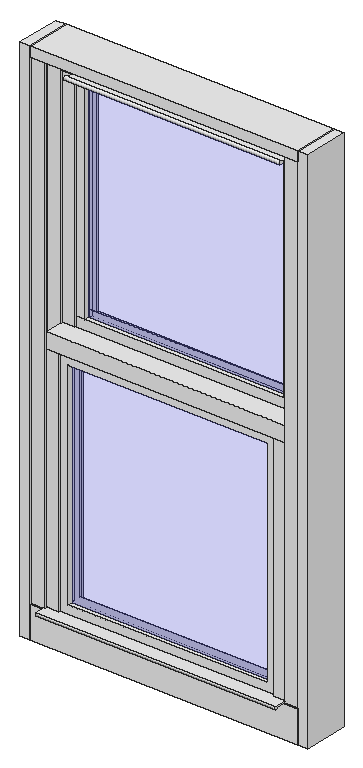
Revit family "Window-Single_&_Double_Hung-Kawneer-8450TL", category Windows, host Wall, Revit 2015 (continued)
Definition of nested family "Panel-Fixed-Kawneer-w_Muntins-8410TL"
  Dimensions and locks (in)
    aligned and locked: Extrusion 5 sketch curve to plane 17 "Glass Line Right"
    aligned and locked: plane 19 "Glass Line Bottom" to Extrusion 5 sketch curve
    aligned and locked: Extrusion 5 to plane 9 "Glass Front"
    aligned and locked: plane 10 "Glass Back" to Extrusion 5
    aligned and locked: Masking region 6 sketch curve to plane 9 "Glass Front"
    aligned and locked: Masking region 6 sketch curve to plane 8 "Muntin Front"
    aligned and locked: plane 21 to Masking region 6 sketch curve
    aligned and locked: plane 22 to Masking region 6 sketch curve
    aligned and locked: plane 3 "Center (Left/Right)" to nested 1
    aligned and locked: nested 1 to plane 7 "Center (Top/Bottom)"
    aligned and locked: plane 9 "Glass Front" to Masking region 5 sketch curve
    aligned and locked: plane 8 "Muntin Front" to Masking region 5 sketch curve
    aligned and locked: plane 14 to Masking region 5 sketch curve
    aligned and locked: plane 15 to Masking region 5 sketch curve
  Automatic sketch dimensions
    curve 4 to plane 19 "Glass Line Bottom" = 0' - 0"
    curve 5 to plane 19 "Glass Line Bottom" = 0' - 0"
    curve 5 to plane 18 "Glass Line Top" = 0' - 0"
    Masking region 2 sketch curve to plane 15 = 0' - 0"
    Masking region 2 sketch curve to plane 14 = 0' - 0"
    curve 7 to plane 19 "Glass Line Bottom" = 0' - 0"
    curve 7 to plane 18 "Glass Line Top" = 0' - 0"
    curve 8 to plane 18 "Glass Line Top" = 0' - 0"
    Masking region 6 sketch curve to plane 9 "Glass Front" = 0' - 0"
    Masking region 6 sketch curve to plane 12 "Vertical Muntin One" = 0' - 0"
    Masking region 6 sketch curve to plane 8 "Muntin Front" = 0' - 0"
    Masking region 6 sketch curve to plane 13 "Vertical Muntin One Right" = 0' - 0"
    Masking region 6 sketch curve to plane 20 "Vertical Muntin One Middle" = 0' - 0 3/32"
    plane 20 "Vertical Muntin One Middle" to Masking region 6 sketch curve = 0' - 0 3/32"
    Masking region 6 sketch curve to plane 23 = 0' - 0 3/32"
    plane 23 to Masking region 6 sketch curve = 0' - 0 3/32"
    plane 19 "Glass Line Bottom" to curve 8 = 0' - 0.35287"
    Masking region 5 sketch curve to plane 7 "Center (Top/Bottom)" = 0' - 0 3/32"
    plane 7 "Center (Top/Bottom)" to Masking region 5 sketch curve = 0' - 0 3/32"
  Nested families (in)
    nested 1: "Fixed Window-Symbol" at (0, 1.28125, 18) x (1, 0, 0) z (0, -1, 0), type "Fixed"
      with Width 2' - 10", Height 2' - 10"
  Definition of nested family "Fixed Window-Symbol"
    Parameters
      Width = 3' - 7 1/2"
      Height = 3' - 7 1/2"
      Assembly Code = ""
    Reference planes (in)
      plane 1 "Center (Front/Back)": y = 0
      plane 2: z = 0
      plane 3 "Center (Left/Right)": x = 0
      plane 4 "Top": y = 21.75
      plane 5 "Bottom": y = -21.75
      plane 6 "Left": x = -21.75
      plane 7 "Right": x = 21.75
    Lines and regions (in)
      detail lines, in view "Ref. Level"
        curve 1: line (-21.75, 21.75, 0) -> (21.75, -21.75, 0)
    Dimensions and locks (in)
      equal spacing: plane 5 "Bottom", plane 1 "Center (Front/Back)", plane 4 "Top"
      "Height": plane 5 "Bottom" to plane 4 "Top"
      equal spacing: plane 6 "Left", plane 3 "Center (Left/Right)", plane 7 "Right"
      "Width": plane 6 "Left" to plane 7 "Right"
      aligned and locked: plane 4 "Top" to curve 1
      aligned and locked: plane 6 "Left" to curve 1
      aligned and locked: plane 5 "Bottom" to curve 1
      aligned and locked: plane 7 "Right" to curve 1
Definition of nested family "Frame-Fixed-Kawneer-wo_Muntins"
  Parameters
    Width [instance] = 4' - 0"
    URL = "http://www.kawneer.com/kawneer/north_america/en/product.asp?cat_id=1347&prod_id=1869"
    Panel Width [instance] = if(1 = 1, Width - 0' 2 3/4", 1' 0")  # 3' - 9 1/4"
    Panel Height [instance] = if(1 = 1, Height - 0' 2 3/4", 1' 0")  # 3' - 9 1/4"
    Model = "8410TL Fixed Window"  # constant formula
    Manufacturer = "Kawneer Company, Inc."  # constant formula
    Height [instance] = 4' - 0"
    Glazing Material [instance] = none
    Frame Material [instance] = none
    Frame Finish [instance] = none
    Depth = 0' - 4"  # constant formula
    Assembly Code = ""
  Reference planes (in)
    plane 1 "Center (Front/Back)": y = -28
    plane 2 "Bottom": z = 0
    plane 3 "Center (Left/Right)": x = 34.64497
    plane 4 "Left": x = 10.64497
    plane 5 "Right": x = 58.64497
    plane 6 "Center (Top/Bottom)": z = 24
    plane 7 "Top": z = 48
    plane 8 "Back": y = -26
    plane 9 "Front": y = -30
    plane 10 "Front Notch Top": z = 46.875
    plane 11 "Frame Left Insert": x = 12.51997
    plane 12 "Frame Right Insert": x = 56.76997
    plane 13 "Left Insert": x = 11.76997
    plane 14 "Right Insert": x = 57.51997
    plane 15 "Inside Frame Top": z = 46.12467
    plane 16 "Inside Frame Bottom": z = 1.87467
    plane 17 "Frame Inside Front": y = -29.75
    plane 18 "No Muntin Frame Glass Front": y = -29.65625
    plane 19 "No Muntin Frame Glass Back": y = -28.65625
    plane 20 "Left Glass": x = 12.01997
    plane 21 "Glass Right": x = 57.27024
    plane 22 "Glass Bottom": z = 1.37467
    plane 23 "Glass Top": z = 46.62467
    plane 24 "Frame First Notch": z = 1.12467
  Forms (in)
    Sweep 1, solid, material <- "Frame Finish", detail levels fine
      path origin (0, -28, 0) x (1, 0, 0) y (0, 0, 1)
        loop
          line (10.64497, 48) -> (10.64497, 0) -> (58.64497, 0) -> (58.64497, 48) -> (10.64497, 48)
      profile "Frame without Muntins : Frame without Muntins" origin (34.64497, -28, 48) x (0, 0, 1) y (0, -1, 0)
        loop
          line (0, -2) -> (0, 2) -> (-1.125, 2) -> (-1.125, 1.75) -> (-1.875, 1.75) -> (-1.875, 1.65625) -> (-1.375, 1.65625) -> (-1.375, 0.65625) -> (-1.875, 0.65625) -> (-1.875, -2) -> (0, -2)
    Extrusion 2, solid, material <- "Frame Finish", detail levels coarse+medium
      sketch origin (0, -26, 0) x (0, 0, -1) y (-1, 0, 0)
        loop
          line (-48, -10.64497) -> (-48, -58.64497) -> (0, -58.64497) -> (0, -10.64497) -> (-48, -10.64497)
        loop
          line (-46.12467, -12.51997) -> (-46.12467, -56.76997) -> (-1.87467, -56.76997) -> (-1.87467, -12.51997) -> (-46.12467, -12.51997)
      from -4 to 0
  Lines and regions (in)
    Masking region 1
      outline origin (34.64497, 0, 0) x (0, 1, 0) y (0, 0, 1)
        loop
          line (-26, 48) -> (-30, 48) -> (-30, 0) -> (-26, 0) -> (-26, 48)
    Masking region 2
      outline origin (0, 0, 1.12467) x (-1, 0, 0) y (0, -1, 0)
        loop
          line (-10.64497, 26) -> (-10.64497, 30) -> (-58.64497, 30) -> (-58.64497, 26) -> (-10.64497, 26)
    Masking region 3
      outline origin (0, -28, 0) x (1, 0, 0) y (0, 0, 1)
        loop
          line (10.64497, 48) -> (10.64497, 0) -> (58.64497, 0) -> (58.64497, 48) -> (10.64497, 48)
        loop
          line (12.51997, 46.12467) -> (12.51997, 1.87467) -> (56.76997, 1.87467) -> (56.76997, 46.12467) -> (12.51997, 46.12467)
    Masking region 4, detail levels coarse+medium
      outline origin (0, 0, 1.12467) x (-1, 0, 0) y (0, -1, 0)
        loop
          line (-10.64497, 26) -> (-10.64497, 30) -> (-12.51997, 30) -> (-12.51997, 26) -> (-10.64497, 26)
        loop
          line (-58.64497, 26) -> (-56.76997, 26) -> (-56.76997, 30) -> (-58.64497, 30) -> (-58.64497, 26)
    Masking region 5, detail levels fine
      outline origin (0, 0, 1.12467) x (-1, 0, 0) y (0, -1, 0)
        loop
          line (-10.64497, 26) -> (-10.64497, 30) -> (-11.76997, 30) -> (-11.76997, 29.75) -> (-12.51997, 29.75) -> (-12.51997, 29.65625) -> (-12.01997, 29.65625) -> (-12.01997, 28.65625) -> (-12.51997, 28.65625) -> (-12.51997, 26) -> (-10.64497, 26)
        loop
          line (-58.64497, 26) -> (-56.76997, 26) -> (-56.76997, 28.65625) -> (-57.27024, 28.65625) -> (-57.27024, 29.65625) -> (-56.76997, 29.65625) -> (-56.76997, 29.75) -> (-57.51997, 29.75) -> (-57.51997, 30) -> (-58.64497, 30) -> (-58.64497, 26)
    Masking region 6, detail levels coarse+medium
      outline origin (34.64497, 0, 0) x (0, 1, 0) y (0, 0, 1)
        loop
          line (-26, 1.875) -> (-30, 1.875) -> (-30, 0) -> (-26, 0) -> (-26, 1.875)
        loop
          line (-26, 48) -> (-30, 48) -> (-30, 46.12467) -> (-26, 46.12467) -> (-26, 48)
    Masking region 7, detail levels fine
      outline origin (34.64497, 0, 0) x (0, 1, 0) y (0, 0, 1)
        loop
          line (-26, 48) -> (-30, 48) -> (-30, 46.875) -> (-29.75, 46.875) -> (-29.75, 46.12467) -> (-29.65625, 46.12467) -> (-29.65625, 46.62467) -> (-28.65625, 46.62467) -> (-28.65625, 46.12467) -> (-26, 46.12467) -> (-26, 48)
        loop
          line (-26, 0) -> (-26, 1.87467) -> (-28.65625, 1.87467) -> (-28.65625, 1.37467) -> (-29.65625, 1.37467) -> (-29.65625, 1.87467) -> (-29.75, 1.87467) -> (-29.75, 1.12467) -> (-30, 1.12467) -> (-30, 0) -> (-26, 0)
    symbolic lines, detail levels fine
      curve 1: line (11.76997, -30, 46.875) -> (57.51997, -30, 46.875)
      curve 2: line (11.76997, -30, 1.12467) -> (11.76997, -30, 46.875)
      curve 3: line (57.51997, -30, 1.12467) -> (11.76997, -30, 1.12467)
      curve 4: line (57.51997, -30, 46.875) -> (57.51997, -30, 1.12467)
  Dimensions and locks (in)
    equal spacing: plane 4 "Left", plane 3 "Center (Left/Right)", plane 5 "Right"
    "Width": plane 4 "Left" to plane 5 "Right"
    equal spacing: plane 8 "Back", plane 1 "Center (Front/Back)", plane 9 "Front"
    "Depth": plane 8 "Back" to plane 9 "Front"
    locked: plane 4 "Left" to plane 13 "Left Insert" at 1.125
    locked: plane 13 "Left Insert" to plane 20 "Left Glass" at 0.25
    locked: plane 14 "Right Insert" to plane 5 "Right" at 1.125
    locked: plane 21 "Glass Right" to plane 14 "Right Insert" at 0.24973
    locked: plane 17 "Frame Inside Front" to plane 9 "Front" at 0.25
    locked: plane 18 "No Muntin Frame Glass Front" to plane 17 "Frame Inside Front" at 0.09375
    locked: plane 9 "Front" to plane 19 "No Muntin Frame Glass Back" at 1.34375
    locked: plane 24 "Frame First Notch" to plane 2 "Bottom" at 1.12467
    locked: plane 22 "Glass Bottom" to plane 24 "Frame First Notch" at 0.25
    locked: plane 7 "Top" to plane 10 "Front Notch Top" at 1.125
    locked: plane 10 "Front Notch Top" to plane 23 "Glass Top" at 0.25033
    "Height": plane 7 "Top" to plane 2 "Bottom"
    equal spacing: plane 7 "Top", plane 6 "Center (Top/Bottom)", plane 2 "Bottom"
    locked: plane 4 "Left" to plane 11 "Frame Left Insert" at 1.875
    locked: plane 12 "Frame Right Insert" to plane 5 "Right" at 1.875
    locked: plane 16 "Inside Frame Bottom" to plane 2 "Bottom" at 1.87467
    locked: plane 7 "Top" to plane 15 "Inside Frame Top" at 1.87533
    aligned and locked: Masking region 2 sketch curve to plane 4 "Left"
    aligned and locked: plane 4 "Left" to Sweep 1 sketch curve
    aligned and locked: Sweep 1 sketch curve to plane 7 "Top"
    aligned and locked: level to Sweep 1 sketch curve
    aligned and locked: plane 5 "Right" to Sweep 1 sketch curve
    aligned and locked: Sweep 1 to Masking region 3 sketch curve
    aligned and locked: Masking region 3 sketch curve to Sweep 1  (x3)
    aligned and locked: Masking region 4 sketch curve to Masking region 2  (x2)
    aligned and locked: plane 9 "Front" to Masking region 4 sketch curve
    aligned and locked: plane 11 "Frame Left Insert" to Masking region 4 sketch curve
    aligned and locked: plane 8 "Back" to Masking region 4 sketch curve
    aligned and locked: plane 12 "Frame Right Insert" to Masking region 4 sketch curve
    aligned and locked: Masking region 4 sketch curve to plane 9 "Front"
    aligned and locked: Masking region 4 sketch curve to plane 5 "Right"
    aligned and locked: Masking region 5 sketch curve to plane 8 "Back"
    aligned and locked: Masking region 5 sketch curve to plane 4 "Left"
    aligned and locked: plane 9 "Front" to Masking region 5 sketch curve
    aligned and locked: plane 13 "Left Insert" to Masking region 5 sketch curve
    aligned and locked: plane 17 "Frame Inside Front" to Masking region 5 sketch curve
    aligned and locked: plane 11 "Frame Left Insert" to Masking region 5 sketch curve  (x2)
    aligned and locked: Masking region 5 sketch curve to plane 18 "No Muntin Frame Glass Front"
    aligned and locked: plane 20 "Left Glass" to Masking region 5 sketch curve
    aligned and locked: plane 19 "No Muntin Frame Glass Back" to Masking region 5 sketch curve
    aligned and locked: plane 8 "Back" to Masking region 5 sketch curve
    aligned and locked: plane 12 "Frame Right Insert" to Masking region 5 sketch curve  (x2)
    aligned and locked: Masking region 5 sketch curve to plane 19 "No Muntin Frame Glass Back"
    aligned and locked: plane 21 "Glass Right" to Masking region 5 sketch curve
    aligned and locked: plane 18 "No Muntin Frame Glass Front" to Masking region 5 sketch curve
    aligned and locked: Masking region 5 sketch curve to plane 17 "Frame Inside Front"
    aligned and locked: plane 14 "Right Insert" to Masking region 5 sketch curve
    aligned and locked: Masking region 5 sketch curve to plane 5 "Right"
    aligned and locked: Masking region 6 sketch curve to Sweep 1  (x2)
    aligned and locked: Masking region 6 sketch curve to Masking region 1  (x2)
    aligned and locked: Masking region 1 to Masking region 6 sketch curve
    aligned and locked: plane 15 "Inside Frame Top" to Masking region 6 sketch curve
    aligned and locked: Masking region 6 sketch curve to plane 9 "Front"
    aligned and locked: Masking region 7 sketch curve to plane 7 "Top"
    aligned and locked: Masking region 7 sketch curve to plane 8 "Back"
    aligned and locked: plane 15 "Inside Frame Top" to Masking region 7 sketch curve  (x2)
    aligned and locked: plane 9 "Front" to Masking region 7 sketch curve
    aligned and locked: plane 19 "No Muntin Frame Glass Back" to Masking region 7 sketch curve
    aligned and locked: plane 23 "Glass Top" to Masking region 7 sketch curve
    aligned and locked: Masking region 7 sketch curve to plane 18 "No Muntin Frame Glass Front"
    aligned and locked: plane 17 "Frame Inside Front" to Masking region 7 sketch curve
    aligned and locked: plane 10 "Front Notch Top" to Masking region 7 sketch curve
    aligned and locked: plane 16 "Inside Frame Bottom" to Masking region 7 sketch curve  (x2)
    aligned and locked: plane 8 "Back" to Masking region 7 sketch curve
    aligned and locked: Masking region 7 sketch curve to plane 2 "Bottom"
    aligned and locked: Masking region 7 sketch curve to plane 9 "Front"
    aligned and locked: Masking region 7 sketch curve to plane 17 "Frame Inside Front"
    aligned and locked: plane 22 "Glass Bottom" to Masking region 7 sketch curve
    aligned and locked: Masking region 7 sketch curve to plane 19 "No Muntin Frame Glass Back"
    aligned and locked: plane 24 "Frame First Notch" to Masking region 7
    aligned and locked: level to plane 2 "Bottom"
    aligned and locked: Masking region 3 sketch curve to plane 11 "Frame Left Insert"
    aligned and locked: Masking region 3 sketch curve to plane 15 "Inside Frame Top"
    aligned and locked: plane 16 "Inside Frame Bottom" to Masking region 3 sketch curve
    aligned and locked: plane 12 "Frame Right Insert" to Masking region 3 sketch curve
    aligned and locked: Extrusion 2 sketch curve to plane 4 "Left"
    aligned and locked: Extrusion 2 sketch curve to plane 7 "Top"
    aligned and locked: Extrusion 2 sketch curve to plane 11 "Frame Left Insert"
    aligned and locked: Extrusion 2 sketch curve to plane 15 "Inside Frame Top"
    aligned and locked: plane 2 "Bottom" to Extrusion 2 sketch curve
    aligned and locked: plane 5 "Right" to Extrusion 2 sketch curve
    aligned and locked: plane 12 "Frame Right Insert" to Extrusion 2 sketch curve
    aligned and locked: plane 16 "Inside Frame Bottom" to Extrusion 2 sketch curve
    aligned and locked: plane 8 "Back" to Extrusion 2
    aligned and locked: Extrusion 2 to plane 9 "Front"
    aligned and locked: plane 14 "Right Insert" to curve 4
    aligned and locked: plane 24 "Frame First Notch" to curve 3
    aligned and locked: curve 2 to plane 13 "Left Insert"
    aligned and locked: curve 1 to plane 10 "Front Notch Top"
  Automatic sketch dimensions
    Masking region 6 sketch curve to plane 8 "Back" = 0' - 0"
    Masking region 7 sketch curve to plane 18 "No Muntin Frame Glass Front" = 0' - 0"
    Masking region 7 sketch curve to plane 22 "Glass Bottom" = 0' - 0 1/4"
    Masking region 5 sketch curve to plane 9 "Front" = 0' - 0"
    Masking region 1 sketch curve to plane 7 "Top" = 0' - 0"
    Masking region 1 sketch curve to plane 9 "Front" = 0' - 0"
    Masking region 1 sketch curve to level = 0' - 0"
    Masking region 1 sketch curve to plane 8 "Back" = 0' - 0"
    Masking region 2 sketch curve to plane 5 "Right" = 0' - 0"
    Masking region 2 sketch curve to plane 8 "Back" = 0' - 0"
    Masking region 2 sketch curve to plane 9 "Front" = 0' - 0"
Definition of nested family "Panel-Fixed-Kawneer-wo_Muntins-8410TL"
  Parameters
    Width [instance] = 3' - 9 1/4"
    Symbol Width [instance] = if(1 = 1, Width - 0' 2", 1' 0")  # 3' - 7 1/4"
    Symbol Height [instance] = if(1 = 1, Height - 0' 2", 1' 0")  # 3' - 7 1/4"
    Height [instance] = 3' - 9 1/4"
    Glazing Material [instance] = none
    Frame Material [instance] = none
    Frame Finish [instance] = none
    Depth = 0' - 4"  # constant formula
    Assembly Code = ""
  Reference planes (in)
    plane 1 "Center (Front/Back)": y = 1.40625
    plane 2 "Bottom": z = 0
    plane 3 "Center (Left/Right)": x = 0
    plane 4 "Left": x = 22.625
    plane 5 "Right": x = -22.625
    plane 6 "Top": z = 45.25
    plane 7 "Center (Elevation)": z = 22.625
    plane 8 "Glass Front": y = -0.5
    plane 9: z = 44.75
    plane 10: z = 0.5
    plane 11 "Left Offset": x = -22.125
    plane 12 "Right Offset": x = 22.125
    plane 13 "Glass Center": y = 0
    plane 14 "Glass Back": y = 0.5
    plane 15 "Back": y = 3.15625
    plane 16 "Front": y = -0.59375
  Forms (in)
    Extrusion 1, solid, material <- "Glazing Material", detail levels fine
      sketch origin (0, 1.40625, 0) x (1, 0, 0) y (0, 0, 1)
        loop
          line (-22.625, 45.25) -> (-22.625, 0) -> (22.625, 0) -> (22.625, 45.25) -> (-22.625, 45.25)
      from 0.90625 to 1.90625
    Extrusion 2, solid, material <- "Glazing Material", detail levels coarse+medium
      sketch origin (-1, 1.40625, 0) x (1, 0, 0) y (0, 0, 1)
        loop
          line (-21.125, 44.75) -> (-21.125, 0.5) -> (23.125, 0.5) -> (23.125, 44.75) -> (-21.125, 44.75)
      from 0.90625 to 1.90625
  Lines and regions (in)
    Masking region 1
      outline origin (0, 1.40625, 0) x (1, 0, 0) y (0, 0, 1)
        loop
          line (-22.125, 44.75) -> (-22.125, 0.5) -> (22.125, 0.5) -> (22.125, 44.75) -> (-22.125, 44.75)
    Masking region 2, detail levels fine
      outline origin (0, 0, 0) x (1, 0, 0) y (0, 1, 0)
        loop
          line (-22.625, 0.5) -> (-22.625, -0.5) -> (22.625, -0.5) -> (22.625, 0.5) -> (-22.625, 0.5)
    Masking region 3, detail levels fine
      outline origin (0, 0, 0) x (0, 1, 0) y (0, 0, 1)
        loop
          line (0.5, 45.25) -> (-0.5, 45.25) -> (-0.5, 0) -> (0.5, 0) -> (0.5, 45.25)
    symbolic lines, detail levels coarse+medium
      curve 1: line (-22.125, 0, 0) -> (22.125, 0, 0)
      curve 2: line (0, 0, 0.5) -> (0, 0, 44.75)
  Dimensions and locks (in)
    equal spacing: plane 5 "Right", plane 3 "Center (Left/Right)", plane 4 "Left"
    "Width": plane 5 "Right" to plane 4 "Left"
    equal spacing: plane 6 "Top", plane 7 "Center (Elevation)", plane 2 "Bottom"
    "Height": plane 6 "Top" to plane 2 "Bottom"
    locked: plane 6 "Top" to plane 9 at 0.5
    locked: plane 10 to plane 2 "Bottom" at 0.5
    locked: plane 11 "Left Offset" to plane 5 "Right" at 0.5
    locked: plane 4 "Left" to plane 12 "Right Offset" at 0.5
    equal spacing: plane 14 "Glass Back", plane 13 "Glass Center", plane 8 "Glass Front"
    locked: plane 8 "Glass Front" to plane 14 "Glass Back" at 1
    locked: plane 13 "Glass Center" to plane 1 "Center (Front/Back)" at 1.40625
    locked: plane 1 "Center (Front/Back)" to plane 15 "Back" at 1.75
    locked: plane 16 "Front" to plane 15 "Back" at 3.75
    aligned and locked: plane 11 "Left Offset" to Masking region 1 sketch curve
    aligned and locked: Masking region 1 sketch curve to plane 9
    aligned and locked: plane 10 to Masking region 1 sketch curve
    aligned and locked: Masking region 1 sketch curve to plane 12 "Right Offset"
    aligned and locked: plane 5 "Right" to Extrusion 1 sketch curve
    aligned and locked: Extrusion 1 sketch curve to plane 6 "Top"
    aligned and locked: plane 2 "Bottom" to Extrusion 1 sketch curve
    aligned and locked: Extrusion 1 sketch curve to plane 4 "Left"
    aligned and locked: Extrusion 1 to plane 8 "Glass Front"
    aligned and locked: Masking region 2 sketch curve to Extrusion 1  (x3)
    aligned and locked: plane 13 "Glass Center" to curve 1
    aligned and locked: Extrusion 1 to Masking region 3 sketch curve  (x2)
    aligned and locked: Masking region 3 sketch curve to Extrusion 1  (x2)
    aligned and locked: curve 2 to plane 13 "Glass Center"
    aligned and locked: Masking region 2 sketch curve to plane 14 "Glass Back"
    aligned and locked: Extrusion 1 to Masking region 2
    aligned and locked: plane 12 "Right Offset" to curve 1
    aligned and locked: plane 11 "Left Offset" to curve 1
    aligned and locked: plane 10 to curve 2
    aligned and locked: plane 9 to curve 2
    aligned and locked: plane 11 "Left Offset" to Extrusion 2 sketch curve
    aligned and locked: Extrusion 2 sketch curve to plane 9
    aligned and locked: Extrusion 2 sketch curve to plane 12 "Right Offset"
    aligned and locked: plane 10 to Extrusion 2 sketch curve
    aligned and locked: plane 14 "Glass Back" to Extrusion 2
    aligned and locked: Extrusion 2 to plane 8 "Glass Front"
    aligned and locked: plane 3 "Center (Left/Right)" to nested 1
    aligned and locked: nested 1 to plane 7 "Center (Elevation)"
  Nested families (in)
    nested 1: "Fixed Window-Symbol" at (0, 1.40625, 22.625) x (1, 0, 0) z (0, -1, 0), type "Fixed"
      with Width 3' - 7 1/4", Height 3' - 7 1/4"
  Definition of nested family "Fixed Window-Symbol"
    Parameters
      Width = 3' - 7 1/2"
      Height = 3' - 7 1/2"
      Assembly Code = ""
    Reference planes (in)
      plane 1 "Center (Front/Back)": y = 0
      plane 2: z = 0
      plane 3 "Center (Left/Right)": x = 0
      plane 4 "Top": y = 21.75
      plane 5 "Bottom": y = -21.75
      plane 6 "Left": x = -21.75
      plane 7 "Right": x = 21.75
    Lines and regions (in)
      detail lines, in view "Ref. Level"
        curve 1: line (-21.75, 21.75, 0) -> (21.75, -21.75, 0)
    Dimensions and locks (in)
      equal spacing: plane 5 "Bottom", plane 1 "Center (Front/Back)", plane 4 "Top"
      "Height": plane 5 "Bottom" to plane 4 "Top"
      equal spacing: plane 6 "Left", plane 3 "Center (Left/Right)", plane 7 "Right"
      "Width": plane 6 "Left" to plane 7 "Right"
      aligned and locked: plane 4 "Top" to curve 1
      aligned and locked: plane 6 "Left" to curve 1
      aligned and locked: plane 5 "Bottom" to curve 1
      aligned and locked: plane 7 "Right" to curve 1
Definition of nested family "Frame-Fixed-Kawneer-w_Muntins"
  Parameters
    Width [instance] = 4' - 0"
    URL = "http://www.kawneer.com/kawneer/north_america/en/product.asp?cat_id=1347&prod_id=1869"
    Panel Width [instance] = if(1 = 1, Width - 0' 2 3/4", 1' 0")  # 3' - 9 1/4"
    Panel Height [instance] = if(1 = 1, Height - 0' 2 3/4", 1' 0")  # 3' - 9 1/4"
    Model = "8410TL Fixed Window"  # constant formula
    Manufacturer = "Kawneer Company, Inc."  # constant formula
    Height [instance] = 4' - 0"
    Glazing Material [instance] = none
    Frame Material [instance] = none
    Frame Finish [instance] = none
    Depth = 0' - 4"  # constant formula
    Assembly Code = ""
  Reference planes (in)
    plane 1 "Center (Front/Back)": y = -28
    plane 2 "Bottom": z = 0
    plane 3 "Center (Left/Right)": x = 34.64497
    plane 4 "Left": x = 10.64497
    plane 5 "Right": x = 58.64497
    plane 6 "Center (Top/Bottom)": z = 24
    plane 7 "Top": z = 48
    plane 8 "Back": y = -26
    plane 9 "Front": y = -30
    plane 10 "Front Notch Top": z = 46.875
    plane 11 "Frame Left Insert": x = 12.51997
    plane 12 "Frame Right Insert": x = 56.76997
    plane 13 "Left Insert": x = 11.76997
    plane 14 "Right Insert": x = 57.51997
    plane 15 "Inside Frame Top": z = 46.12467
    plane 16 "Inside Frame Bottom": z = 1.87467
    plane 17 "Frame Inside Front": y = -29.75
    plane 18 "Left Glass": x = 12.01997
    plane 19 "Glass Right": x = 57.27024
    plane 20 "Muntin Frame Glass Back": y = -28.46875
    plane 21 "Muntin Frame Glass Front": y = -29.21875
    plane 22 "Glass Bottom": z = 1.37467
    plane 23 "Glass Top": z = 46.62467
    plane 24 "Frame First Notch": z = 1.12467
    plane 25 "Frame Right Inset": x = 56.42622
    plane 26 "Frame Left Inset": x = 12.86372
    plane 27 "Frame Top Inset": z = 45.78092
    plane 28 "Sill Bottom Inset": z = 2.21908
  Forms (in)
    Sweep 1, solid, material <- "Frame Finish", detail levels fine
      path origin (0, -28, 0) x (1, 0, 0) y (0, 0, 1)
        loop
          line (10.64497, 48) -> (10.64497, 0) -> (58.64497, 0) -> (58.64497, 48) -> (10.64497, 48)
      profile "Frame for Muntins : Frame for Muntins" origin (34.64497, -28, 48) x (0, 0, 1) y (0, -1, 0)
        loop
          line (0, 2) -> (-1.125, 2) -> (-1.125, 1.75) -> (-1.875, 1.75) -> (-2.21875, 1.21875) -> (-1.375, 1.21875) -> (-1.375, 0.46875) -> (-1.875, 0.46875) -> (-1.875, -2) -> (0, -2) -> (0, 2)
    Extrusion 2, solid, material <- "Frame Finish", detail levels coarse+medium
      sketch origin (0, -26, 0) x (0, 0, -1) y (-1, 0, 0)
        loop
          line (-48, -10.64497) -> (-48, -58.64497) -> (0, -58.64497) -> (0, -10.64497) -> (-48, -10.64497)
        loop
          line (-46.12467, -12.51997) -> (-46.12467, -56.76997) -> (-1.87467, -56.76997) -> (-1.87467, -12.51997) -> (-46.12467, -12.51997)
      from -4 to 0
  Lines and regions (in)
    Masking region 1
      outline origin (34.64497, 0, 0) x (0, 1, 0) y (0, 0, 1)
        loop
          line (-26, 48) -> (-30, 48) -> (-30, 0) -> (-26, 0) -> (-26, 48)
    Masking region 2
      outline origin (0, 0, 1.12467) x (-1, 0, 0) y (0, -1, 0)
        loop
          line (-10.64497, 26) -> (-10.64497, 30) -> (-58.64497, 30) -> (-58.64497, 26) -> (-10.64497, 26)
    Masking region 3
      outline origin (0, -28, 0) x (1, 0, 0) y (0, 0, 1)
        loop
          line (10.64497, 48) -> (10.64497, 0) -> (58.64497, 0) -> (58.64497, 48) -> (10.64497, 48)
        loop
          line (12.51997, 46.12467) -> (12.51997, 1.87467) -> (56.76997, 1.87467) -> (56.76997, 46.12467) -> (12.51997, 46.12467)
    Masking region 4, detail levels coarse+medium
      outline origin (0, 0, 1.12467) x (-1, 0, 0) y (0, -1, 0)
        loop
          line (-10.64497, 26) -> (-10.64497, 30) -> (-12.51997, 30) -> (-12.51997, 26) -> (-10.64497, 26)
        loop
          line (-58.64497, 26) -> (-56.76997, 26) -> (-56.76997, 30) -> (-58.64497, 30) -> (-58.64497, 26)
    Masking region 5, detail levels fine
      outline origin (0, 0, 1.12467) x (-1, 0, 0) y (0, -1, 0)
        loop
          line (-10.64497, 26) -> (-10.64497, 30) -> (-11.76997, 30) -> (-11.76997, 29.75) -> (-12.51997, 29.75) -> (-12.86372, 29.21875) -> (-12.01997, 29.21875) -> (-12.01997, 28.46875) -> (-12.51997, 28.46875) -> (-12.51997, 26) -> (-10.64497, 26)
        loop
          line (-58.64497, 26) -> (-56.76997, 26) -> (-56.76997, 28.46875) -> (-57.27024, 28.46875) -> (-57.27024, 29.21875) -> (-56.42622, 29.21875) -> (-56.76997, 29.75) -> (-57.51997, 29.75) -> (-57.51997, 30) -> (-58.64497, 30) -> (-58.64497, 26)
    Masking region 6, detail levels coarse+medium
      outline origin (34.64497, 0, 0) x (0, 1, 0) y (0, 0, 1)
        loop
          line (-26, 1.875) -> (-30, 1.875) -> (-30, 0) -> (-26, 0) -> (-26, 1.875)
        loop
          line (-26, 48) -> (-30, 48) -> (-30, 46.12467) -> (-26, 46.12467) -> (-26, 48)
    Masking region 7, detail levels fine
      outline origin (34.64497, 0, 0) x (0, 1, 0) y (0, 0, 1)
        loop
          line (-26, 1.87467) -> (-28.46875, 1.87467) -> (-28.46875, 1.37467) -> (-29.21875, 1.37467) -> (-29.21875, 2.21875) -> (-29.75, 1.875) -> (-29.75, 1.125) -> (-30, 1.125) -> (-30, 0) -> (-26, 0) -> (-26, 1.87467)
        loop
          line (-26, 46.12467) -> (-26, 48) -> (-30, 48) -> (-30, 46.875) -> (-29.75, 46.875) -> (-29.75, 46.125) -> (-29.21875, 45.78125) -> (-29.21875, 46.62467) -> (-28.46875, 46.62467) -> (-28.46875, 46.12467) -> (-26, 46.12467)
    symbolic lines, detail levels fine
      curve 1: line (11.76997, -30, 46.875) -> (57.51997, -30, 46.875)
      curve 2: line (11.76997, -30, 1.12467) -> (11.76997, -30, 46.875)
      curve 3: line (57.51997, -30, 1.12467) -> (11.76997, -30, 1.12467)
      curve 4: line (57.51997, -30, 46.875) -> (57.51997, -30, 1.12467)
  Dimensions and locks (in)
    equal spacing: plane 4 "Left", plane 3 "Center (Left/Right)", plane 5 "Right"
    "Width": plane 4 "Left" to plane 5 "Right"
    equal spacing: plane 8 "Back", plane 1 "Center (Front/Back)", plane 9 "Front"
    "Depth": plane 8 "Back" to plane 9 "Front"
    locked: plane 4 "Left" to plane 13 "Left Insert" at 1.125
    locked: plane 13 "Left Insert" to plane 18 "Left Glass" at 0.25
    locked: plane 18 "Left Glass" to plane 11 "Frame Left Insert" at 0.5
    locked: plane 14 "Right Insert" to plane 5 "Right" at 1.125
    locked: plane 19 "Glass Right" to plane 14 "Right Insert" at 0.24973
    locked: plane 12 "Frame Right Insert" to plane 19 "Glass Right" at 0.50027
    locked: plane 17 "Frame Inside Front" to plane 9 "Front" at 0.25
    locked: plane 24 "Frame First Notch" to plane 2 "Bottom" at 1.12467
    locked: plane 22 "Glass Bottom" to plane 24 "Frame First Notch" at 0.25
    locked: plane 16 "Inside Frame Bottom" to plane 22 "Glass Bottom" at 0.5
    locked: plane 7 "Top" to plane 10 "Front Notch Top" at 1.125
    locked: plane 10 "Front Notch Top" to plane 23 "Glass Top" at 0.25033
    locked: plane 23 "Glass Top" to plane 15 "Inside Frame Top" at 0.5
    "Height": plane 7 "Top" to plane 2 "Bottom"
    equal spacing: plane 7 "Top", plane 6 "Center (Top/Bottom)", plane 2 "Bottom"
    locked: plane 25 "Frame Right Inset" to plane 12 "Frame Right Insert" at 0.34375
    locked: plane 11 "Frame Left Insert" to plane 26 "Frame Left Inset" at 0.34375
    locked: plane 15 "Inside Frame Top" to plane 27 "Frame Top Inset" at 0.34375
    locked: plane 28 "Sill Bottom Inset" to plane 16 "Inside Frame Bottom" at 0.34441
    aligned and locked: plane 4 "Left" to Sweep 1 sketch curve
    aligned and locked: Sweep 1 sketch curve to plane 7 "Top"
    aligned and locked: plane 2 "Bottom" to Sweep 1 sketch curve
    aligned and locked: plane 5 "Right" to Sweep 1 sketch curve
    aligned and locked: Masking region 1 sketch curve to Sweep 1  (x4)
    aligned and locked: Masking region 2 sketch curve to Sweep 1  (x3)
    aligned and locked: Masking region 2 sketch curve to plane 4 "Left"
    aligned and locked: Masking region 4 sketch curve to Masking region 2  (x2)
    aligned and locked: plane 9 "Front" to Masking region 4 sketch curve
    aligned and locked: plane 11 "Frame Left Insert" to Masking region 4 sketch curve
    aligned and locked: plane 8 "Back" to Masking region 4 sketch curve
    aligned and locked: plane 12 "Frame Right Insert" to Masking region 4 sketch curve
    aligned and locked: Masking region 4 sketch curve to plane 9 "Front"
    aligned and locked: Masking region 4 sketch curve to plane 5 "Right"
    aligned and locked: plane 4 "Left" to Masking region 5 sketch curve
    aligned and locked: Masking region 5 sketch curve to plane 9 "Front"
    aligned and locked: Masking region 5 sketch curve to plane 13 "Left Insert"
    aligned and locked: Masking region 5 sketch curve to plane 17 "Frame Inside Front"
    aligned and locked: plane 11 "Frame Left Insert" to Masking region 5 sketch curve  (x2)
    aligned and locked: plane 18 "Left Glass" to Masking region 5 sketch curve
    aligned and locked: plane 20 "Muntin Frame Glass Back" to Masking region 5 sketch curve
    aligned and locked: Masking region 5 sketch curve to plane 8 "Back"
    aligned and locked: plane 8 "Back" to Masking region 5 sketch curve
    aligned and locked: plane 12 "Frame Right Insert" to Masking region 5 sketch curve
    aligned and locked: Masking region 5 sketch curve to plane 20 "Muntin Frame Glass Back"
    aligned and locked: plane 19 "Glass Right" to Masking region 5 sketch curve
    aligned and locked: plane 21 "Muntin Frame Glass Front" to Masking region 5 sketch curve
    aligned and locked: Masking region 5 sketch curve to plane 14 "Right Insert"
    aligned and locked: plane 17 "Frame Inside Front" to Masking region 5 sketch curve
    aligned and locked: plane 5 "Right" to Masking region 5 sketch curve
    aligned and locked: Masking region 6 sketch curve to Masking region 1  (x2)
    aligned and locked: Masking region 1 to Masking region 6 sketch curve
    aligned and locked: plane 15 "Inside Frame Top" to Masking region 6 sketch curve
    aligned and locked: Masking region 6 sketch curve to plane 9 "Front"
    aligned and locked: plane 8 "Back" to Masking region 7 sketch curve
    aligned and locked: Masking region 7 sketch curve to plane 2 "Bottom"
    aligned and locked: Masking region 7 sketch curve to plane 16 "Inside Frame Bottom"
    aligned and locked: plane 20 "Muntin Frame Glass Back" to Masking region 7 sketch curve
    aligned and locked: Masking region 7 sketch curve to plane 22 "Glass Bottom"
    aligned and locked: Masking region 7 sketch curve to plane 9 "Front"
    aligned and locked: plane 21 "Muntin Frame Glass Front" to Masking region 7 sketch curve
    aligned and locked: Masking region 7 sketch curve to plane 17 "Frame Inside Front"
    aligned and locked: Masking region 7 sketch curve to plane 15 "Inside Frame Top"
    aligned and locked: Masking region 7 sketch curve to plane 8 "Back"
    aligned and locked: plane 10 "Front Notch Top" to Masking region 7 sketch curve
    aligned and locked: plane 17 "Frame Inside Front" to Masking region 7 sketch curve
    aligned and locked: Masking region 7 sketch curve to plane 21 "Muntin Frame Glass Front"
    aligned and locked: Masking region 7 sketch curve to plane 23 "Glass Top"
    aligned and locked: Masking region 7 sketch curve to plane 7 "Top"
    aligned and locked: level to plane 2 "Bottom"
    aligned and locked: Masking region 5 sketch curve to Sweep 1  (x2)
    aligned and locked: Masking region 5 sketch curve to plane 21 "Muntin Frame Glass Front"
    aligned and locked: Masking region 3 sketch curve to plane 11 "Frame Left Insert"
    aligned and locked: Masking region 3 sketch curve to plane 15 "Inside Frame Top"
    aligned and locked: plane 16 "Inside Frame Bottom" to Masking region 3 sketch curve
    aligned and locked: plane 12 "Frame Right Insert" to Masking region 3 sketch curve
    aligned and locked: Extrusion 2 sketch curve to plane 4 "Left"
    aligned and locked: Extrusion 2 sketch curve to plane 7 "Top"
    aligned and locked: Extrusion 2 sketch curve to plane 11 "Frame Left Insert"
    aligned and locked: Extrusion 2 sketch curve to plane 15 "Inside Frame Top"
    aligned and locked: plane 2 "Bottom" to Extrusion 2 sketch curve
    aligned and locked: plane 5 "Right" to Extrusion 2 sketch curve
    aligned and locked: plane 12 "Frame Right Insert" to Extrusion 2 sketch curve
    aligned and locked: plane 16 "Inside Frame Bottom" to Extrusion 2 sketch curve
    aligned and locked: plane 8 "Back" to Extrusion 2
    aligned and locked: Extrusion 2 to plane 9 "Front"
    aligned and locked: plane 14 "Right Insert" to curve 4
    aligned and locked: plane 24 "Frame First Notch" to curve 3
    aligned and locked: curve 2 to plane 13 "Left Insert"
    aligned and locked: curve 1 to plane 10 "Front Notch Top"
  Automatic sketch dimensions
    Masking region 6 sketch curve to plane 8 "Back" = 0' - 0"  (x2)
    Masking region 7 sketch curve to plane 9 "Front" = 0' - 0"
    Masking region 7 sketch curve to plane 20 "Muntin Frame Glass Back" = 0' - 0"
    plane 24 "Frame First Notch" to Masking region 7 sketch curve = 0' - 0.00033"
    plane 16 "Inside Frame Bottom" to Masking region 7 sketch curve = 0' - 0.00033"
    plane 16 "Inside Frame Bottom" to Masking region 7 sketch curve = 0' - 0.34408"
    Masking region 7 sketch curve to plane 15 "Inside Frame Top" = 0' - 0.34342"
    plane 15 "Inside Frame Top" to Masking region 7 sketch curve = 0' - 0.00033"
    Masking region 5 sketch curve to plane 9 "Front" = 0' - 0"
    Masking region 3 sketch curve to level = 0' - 0"
    Masking region 3 sketch curve to plane 4 "Left" = 0' - 0"
    Masking region 3 sketch curve to plane 5 "Right" = 0' - 0"
    Masking region 3 sketch curve to plane 7 "Top" = 0' - 0"
    plane 16 "Inside Frame Bottom" to Masking region 6 sketch curve = 0' - 0.00033"
